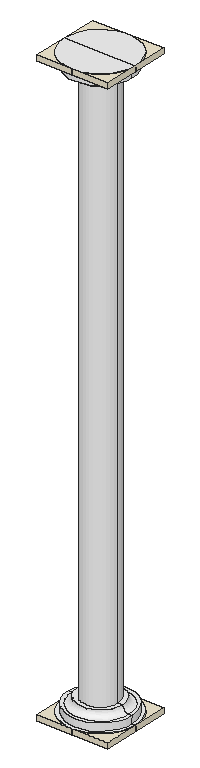
Revit family "Column_Round", category Generic Models, Revit 2026
Family settings
  Can host rebar = No
  Round Connector Dimension = Use Diameter
  Part Type = Normal
  Classification Number = 23.25.30.11.14.11
  Work Plane-Based = No
  Always vertical = Yes
  Cut with Voids When Loaded = No
  Maintain Annotation Orientation = No
  Shared = No
  Room Calculation Point = No
Parameters (values of type "10"")
  Warranty Duration (Years) = 0
  Test Data = ""
  Specification = "http://www.arcat.com/divs/sec/sec06440.shtml"
  Sales Information = ""
  Product Properties = "http://www.arcat.com/bim/bim_info.pl?fn=Column_Round"
  Product Data = "http://www.arcat.com/divs/sec/sec06440.shtml"
  Model = "Generic"  # constant formula
  Manufacturer Website = "http://www.arcat.com/"
  Manufacturer Phone - Toll Free = ""
  Manufacturer Phone = "(203) 929-9444"  # constant formula
  Manufacturer Fax = "(203) 939-2444"  # constant formula
  Manufacturer Email = "bim@arcat.com"  # constant formula
  Manufacturer Address = "1077 Bridgeport Ave, Shelton, CT  06484"  # constant formula
  Manufacturer = "Generic"  # constant formula
  Maintenance Schedule (Months) = 0
  Keynote = "06440"
  Installation_Fabricaton = ""
  Installation Phase = ""
  Height = 7' - 0"
  Green Building-LEED = "http://www.arcat.com/green/green_building.shtml"
  Finish = none
  Expected Lifespan (Years) = 0
  Drawn By = "Robert S. Weygant. CSI, CDT, SCIP"  # constant formula
  Radius = Column Diameter / 2  # 0' - 5"
  Description = "10\" Round Column"
  Default Elevation = 0' - 0"
  Copyright = "2008, ARCAT, Inc."  # constant formula
  Construction Details = "http://www.arcat.com/divs/sec/sec06440.shtml"
  Column Material = ARCAT - Plastic - Glass-Fiber Reinforced - White
  Column Diameter = 0' - 10"
  Building Codes = ""
  Base-Capital Material = ARCAT - Plastic - Glass-Fiber Reinforced - Tan
  Axial Load Capacity = 12000.00 lbf
  Assembly Code = "C3010300"
Types (3): name | Radius | Description | Column Diameter | Axial Load Capacity
  10" | 0' - 5" | "10\" Round Column" | 0' - 10" | 12000.00 lbf
  8" | 0' - 4" | "8\" Round Column" | 0' - 8" | 9000.00 lbf
  6" | 0' - 3" | "6\" Round Column" | 0' - 6" | 6000.00 lbf
Reference planes (in)
  plane 1 "Center (Front/Back)": y = 0
  plane 2: z = 0
  plane 3 "Center (Left/Right)": x = 0
  plane 4: z = 84
  plane 5: z = 42
  plane 6: z = 83.25
  plane 7: z = 0.75
Forms (in)
  Revolve 1, solid, material "ARCAT - Plastic - Glass-Fiber Reinforced - White" <- "Column Material"
    sketch origin (0, 0, 0) x (1, 0, 0) y (0, 0, 1)
      loop
        line (2.42946, 2.63388) -> (2.42946, 81.36612) -> (3.11696, 81.36612)
        arc (3.11696, 81.36612) -> (3.37584, 81.99112) -> (4.00084, 82.25) r 0.88388
        line (4.00084, 82.25) -> (4.50084, 82.25) -> (4.50084, 83.25) -> (5, 83.25) -> (5, 84) -> (0, 84) -> (0, 0) -> (5, 0) -> (5, 0.75) -> (4.50084, 0.75) -> (4.50084, 1.75) -> (4.00084, 1.75)
        arc (4.00084, 1.75) -> (3.37584, 2.00888) -> (3.11696, 2.63388) r 0.88388
        line (3.11696, 2.63388) -> (2.42946, 2.63388)
      axis (0, 0) -> (0, 84)
    angle from 0 to 360
  Extrusion 2, solid, material "ARCAT - Plastic - Glass-Fiber Reinforced - Tan" <- "Base-Capital Material"
    sketch origin (0, 0, 0) x (1, 0, 0) y (0, 1, 0)
      loop
        line (-5, 5) -> (-5, -5) -> (5, -5) -> (5, 5) -> (-5, 5)
    from 0 to 0.75
  Extrusion 3, solid, material "ARCAT - Plastic - Glass-Fiber Reinforced - Tan" <- "Base-Capital Material"
    sketch origin (0, 0, 83.25) x (1, 0, 0) y (0, 1, 0)
      loop
        line (-5, 5) -> (-5, -5) -> (5, -5) -> (5, 5) -> (-5, 5)
    from 0 to 0.75
Dimensions and locks (in)
  "Height": plane 4 to level
  equal spacing: plane 4, plane 5, level
  locked: plane 4 to plane 6 at 0.75
  locked: plane 7 to level at 0.75
  "Radius": Revolve 1 sketch curve to Revolve 1 sketch curve
  "Radius": Extrusion 3 sketch curve to plane 3 "Center (Left/Right)"
  "Radius": plane 3 "Center (Left/Right)" to Extrusion 3 sketch curve
  "Radius": plane 1 "Center (Front/Back)" to Extrusion 3 sketch curve  (x2)
  "Radius": Extrusion 2 sketch curve to plane 3 "Center (Left/Right)"
  "Radius": plane 3 "Center (Left/Right)" to Extrusion 2 sketch curve
  "Radius": plane 1 "Center (Front/Back)" to Extrusion 2 sketch curve  (x2)
  aligned and locked: plane 7 to Extrusion 2
  aligned and locked: plane 4 to Extrusion 3
  aligned and locked: plane 4 to Revolve 1
  aligned and locked: Extrusion 3 to plane 6
  aligned and locked: plane 6 to Revolve 1
  aligned and locked: Revolve 1 sketch curve to Revolve 1 sketch curve
Automatic sketch dimensions
  Revolve 1 sketch curve to level = 0' - 0"
  Revolve 1 sketch curve to plane 4 = 0' - 0"  (x2)
  Revolve 1 sketch curve to Revolve 1 sketch curve = 0' - 0 11/16"  (x2)
  Revolve 1 sketch curve to Revolve 1 sketch curve = 0' - 0 1/2"  (x2)
  Revolve 1 sketch curve to Revolve 1 sketch curve = 0' - 0.49916"  (x2)
  Revolve 1 sketch curve to Revolve 1 sketch curve = 0' - 0 3/4"
  Revolve 1 sketch curve to Revolve 1 sketch curve = 0' - 1"
  Revolve 1 sketch curve to plane 4 = 0' - 2.63388"
  Revolve 1 sketch curve to plane 4 = 0' - 0 3/4"
  Revolve 1 sketch curve to Revolve 1 sketch curve = 2' - 9"
  Revolve 1 sketch curve to plane 3 "Center (Left/Right)" = 0' - 0"
  Revolve 1 sketch curve to plane 6 = 0' - 1"
  Revolve 1 sketch curve to Revolve 1 sketch curve = 0' - 0.88388"
